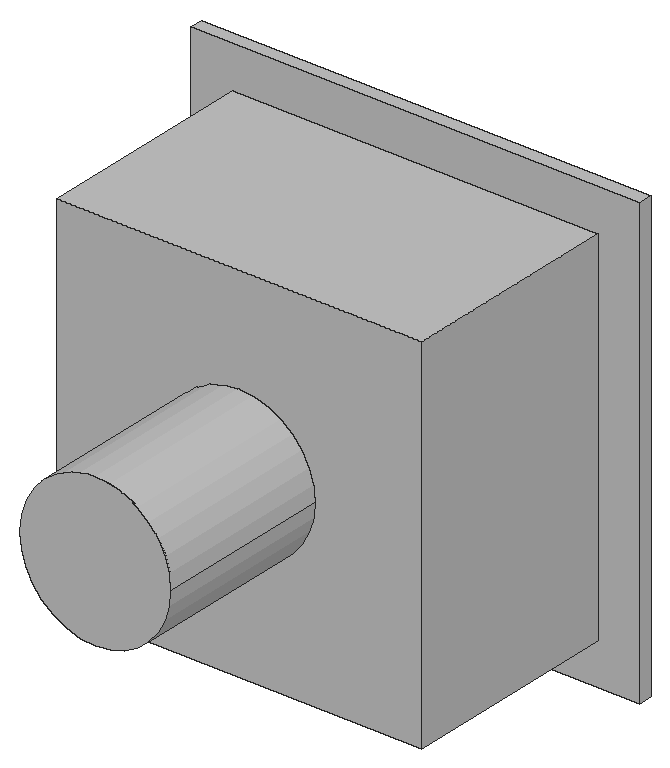
Revit family "ef_eg-20_60ysd2_asd2_bsd2_btd2_dtc2_ftc-v_60Hz", category 機械設備, Revit 2019
Family settings
  丸型コネクタ寸法 = 直径を使用
  パーツ タイプ = 標準
  OmniClass 番号 = 23.75.35.21.17
  OmniClass タイトル = Industrial Ventilating Equipment
  作業面ベース = いいえ
  常に垂直 = はい
  ロード時にボイドで切り取り = はい
  共有 = いいえ
  部屋計算ポイント = はい
Parameters (values of type "EF-20YSD2-V")
  騒音レベル(dB(A)) [instance] = 36
  風量 [instance] = 設計風量  # 0.0 m³/h
  電源種別 [instance] = ""
  電圧 = 100 V
  電動機出力 = 15 W
  電動機_種別 [instance] = ""
  運転質量 = 0.00 kg
  連動 [instance] = ""
  質量 = if(製品質量 > 運転質量, 製品質量, 運転質量) * 1.2  # 7.80 kg
  負荷分類 = 3_ファン類
  説明 = "産業用有圧換気扇 防爆形"
  設計風量 [instance] = 0.0 m³/h
  設置方法 = "壁付"
  記号 [instance] = ""
  製造元 = "三菱電機株式会社"
  製品質量 = 6.50 kg
  製品出荷対象 = "国内"
  製品リリース年月 = "2022年6月1日"
  製品グループ = ""
  羽根径 = "∅200"
  レグ_Depth = 167 mm
  系統 [instance] = ""
  符号 [instance] = if(☑給気／□排気, "FS", "FE")  # "FE"
  積算_科目 = ""
  積算_拾い区分 [instance] = ""
  相 = 1
  盤記号 [instance] = ""
  盤工事区分 = ""
  発停方法 [instance] = ""
  特殊仕様 [instance] = ""
  火災停止 [instance] = ""
  消費電力 = 27 W
  法定耐用年数 = "15"
  極数 = 2
  極 = 4
  材質 [instance] = ""
  操作・制御方式 = ""
  操作・制御スイッチ = ""
  排気量 [instance] = if(☑給気／□排気, 0.0 m³/h, 設計風量)  # 0.0 m³/h
  形式 = ""
  幹線記号 [instance] = ""
  対象室 [instance] = ""
  実風量 [instance] = 0.0 m³/h
  始動方式 [instance] = "直入"
  外気量 [instance] = if(☑給気／□排気, 設計風量, 0.0 m³/h)  # 0.0 m³/h
  呼称 = "有圧扇"
  周波数 = 60 Hz
  参照している仕様書等のバージョン = ""
  分類コード = "50052503100110"
  分類グループ = ""
  価格 = 162000
  企業コード = "108420"
  付属品_防振装置 = ""
  付属品 [instance] = ""
  仕様書バージョン = "Version1.0"
  レグ_Width = 260 mm
  レグ_Height = 260 mm
  モーター径 = 108 mm
  モデル = "EF-20YSD2-V"
  フレームの厚さ = 10 mm
  ファンの種類 = "軸流羽根"
  コメント [instance] = ""
  Keynote = ""
  オリフィス_Depth = 50 mm
  ☑給気／□排気 [instance] = no
  Width = 320 mm
  Version = ""
  Uniclass2015Version = "Systems v1.9"
  Uniclass2015Title = "Propeller fans"
  Uniclass2015Code = "Pr_65_67_29_67"
  URL = "https://www.mitsubishielectric.co.jp/ldg/wink/ssl/displayProduct.do?pid=319139"
  SpecificationReference = ""
  SpecificationDescription = ""
  Revision = ""
  ProductInformation = ""
  OmniClassCode = "23-33 31 19 11 17"
  MIN風量 = 0.0 m³/h
  MID風量 = 0.0 m³/h
  MAX風量 = 790.0 m³/h
  IfcTypeProduct = ""
  IfcProduct = ""
  IfcExportType = "TUBEAXIAL"
  IfcExportAs = "IfcFanType"
  Height = 320 mm
  オリフィス径 = 245 mm
  Depth = 295 mm
  Author = "三菱電機株式会社"
Types (7, lengths in mm): name | 騒音レベル(dB(A)) | 電圧 | 電動機出力 | 質量 | 製品質量 | 製品リリース年月 | 羽根径 | レグ_Depth | 相 | 消費電力 | 極数 | 極 | 価格 | レグ_Width | レグ_Height | モーター径 | モデル | オリフィス_Depth | Width | URL | MAX風量 | Height | オリフィス径 | Depth
  EF-20YSD2-V | 36 | 100 V | 15 W | 7.80 kg | 6.50 kg | "2022年6月1日" | "∅200" | 167 | 1 | 27 W | 2 | 4 | 162000 | 260 | 260 | 108 | "EF-20YSD2-V" | 50 | 320 | "https://www.mitsubishielectric.co.jp/ldg/wink/ssl/displayProduct.do?pid=319139" | 790.0 m³/h | 320 | 245 | 295
  EF-25ASD2-V | 40 | 100 V | 25 W | 8.28 kg | 6.90 kg | "2022年6月1日" | "∅250" | 166 | 1 | 42 W | 2 | 4 | 171000 | 300 | 300 | 108 | "EF-25ASD2-V" | 60 | 370 | "https://www.mitsubishielectric.co.jp/ldg/wink/ssl/displayProduct.do?pid=319142" | 1380.0 m³/h | 370 | 310 | 300
  EF-30BSD2-V | 42 | 100 V | 50 W | 9.00 kg | 7.50 kg | "2022年6月1日" | "∅300" | 182 | 1 | 77 W | 2 | 4 | 222000 | 347 | 347 | 108 | "EF-30BSD2-V" | 60 | 420 | "https://www.mitsubishielectric.co.jp/ldg/wink/ssl/displayProduct.do?pid=319153" | 1980.0 m³/h | 420 | 365 | 310
  EF-30BTD2-V | 42 | 200 V | 50 W | 9.00 kg | 7.50 kg | "2022年6月1日" | "∅300" | 182 | 3 | 63 W | 3 | 4 | 222000 | 347 | 347 | 108 | "EF-30BTD2-V" | 60 | 420 | "https://www.mitsubishielectric.co.jp/ldg/wink/ssl/displayProduct.do?pid=319159" | 1980.0 m³/h | 420 | 365 | 310
  EF-40DTC2-V | 50 | 200 V | 200 W | 25.92 kg | 21.60 kg | "2022年6月1日" | "∅400" | 214.5 | 3 | 178 W | 3 | 4 | 264000 | 396 | 396 | 140 | "EF-40DTC2-V" | 80 | 520 | "https://www.mitsubishielectric.co.jp/ldg/wink/ssl/displayProduct.do?pid=318480" | 4470.0 m³/h | 520 | 490 | 345
  EG-50DTC2-V | 47.5 | 200 V | 200 W | 32.16 kg | 26.80 kg | "2022年6月1日" | "∅500" | 217 | 3 | 180 W | 3 | 6 | 329000 | 500 | 500 | 140 | "EG-50DTC2-V" | 95 | 620 | "https://www.mitsubishielectric.co.jp/ldg/wink/ssl/displayProduct.do?pid=318590" | 5760.0 m³/h | 620 | 605 | 349
  EG-60FTC-V | 56.5 | 200 V | 750 W | 58.56 kg | 48.80 kg | "" | "∅600" | 304 | 3 | 660 W | 3 | 6 | 441000 | 566 | 566 | 210 | "EG-60FTC-V" | 100 | 710 | "https://www.mitsubishielectric.co.jp/ldg/wink/ssl/displayProduct.do?pid=41980" | 12000.0 m³/h | 710 | 705 | 419
Reference planes
  plane 1 "中心(正面/背面)": y = 0
  plane 2: z = 0
  plane 3 "中心(左/右)": x = 0
  plane 4: z = 0
  plane 5: through (212.832, -1524, 243.759) normal (-0.6508, 0, -0.7593)
  plane 6: through (-212.884, -1524, -243.751) normal (0.6508, 0, 0.7593)
  plane 7: through (208.307, -1524, -247.63) normal (-0.6508, 0, 0.7593)
  plane 8: z = 160
  plane 9: z = -160
  plane 10 "左": x = -160
  plane 11 "右": x = 160
  plane 12 "正面": y = -295
  plane 13: y = -10
  plane 14: through (-208.307, -1524, -247.63) normal (-0.6508, 0, -0.7593)
  plane 15: y = -45
  plane 16: y = 55
  plane 17: x = -250
  plane 18: x = 250
  plane 19: y = -50
  plane 20: y = -167
  plane 21: x = -130
  plane 22: x = 130
  plane 23: z = 130
  plane 24: z = -130
Forms (mm)
  Extrusion 1, solid, detail levels fine
    sketch origin (0, 0, 0) x (1, 0, 0) y (0, 1, 0)
      loop
        line (-160, 0) -> (-160, -10) -> (160, -10) -> (160, 0) -> (-160, 0)
    from -160 to 160
  Extrusion 2, solid, detail levels fine
    sketch origin (140, -23.659, 0) x (-1, 0, 0) y (0, 0, -1)
      loop
        circle (140, 0) r 54
    from 143.341 to 271.341
  Extrusion 3, solid
    sketch origin (0, -153.783, 0) x (1, 0, 0) y (0, 0, 1)
      loop
        circle (0, 0) r 122.5
    from -143.783 to -103.783
  Extrusion 4, solid
    sketch origin (0, 0, 0) x (1, 0, 0) y (0, 0, 1)
      loop
        line (-130, 130) -> (-130, -130) -> (130, -130) -> (130, 130) -> (-130, 130)
    from 10 to 167
Cuts and joins
  joined: Extrusion 3, Extrusion 4
Lines and regions (mm)
  Masking region 1, detail levels coarse+medium
    outline origin (0, 0, 0) x (1, 0, 0) y (0, 1, 0)
      loop
        line (-250, -295) -> (250, -295) -> (250, -45) -> (-250, -45) -> (-250, -295)
  Masking region 2, detail levels coarse+medium
    outline origin (0, 0, 0) x (1, 0, 0) y (0, 1, 0)
      loop
        line (-124, -45) -> (124, -45) -> (124, 55) -> (-124, 55) -> (-124, -45)
  symbolic lines, detail levels coarse+medium
    curve 1: circle (124, -183, 0) r 115 normal (0, 0, 1)
    curve 2: circle (-124, -183, 0) r 115 normal (0, 0, -1)
Dimensions and locks
  level to plane 4 = 0 mm
  equal spacing: plane 8, level, plane 9
  "Depth": plane 12 "正面" to plane 1 "中心(正面/背面)"  (x2)
  "Width": plane 10 "左" to plane 11 "右"
  "Height": plane 8 to plane 9
  "フレームの厚さ": plane 13 to plane 1 "中心(正面/背面)"
  plane 12 "正面" to plane 15 to plane 16 = 250 mm locked, 100 mm locked
  locked: plane 17 to plane 18 at 500
  "オリフィス_Depth": plane 1 "中心(正面/背面)" to plane 19
  "レグ_Depth": plane 1 "中心(正面/背面)" to plane 20
  equal spacing: plane 10 "左", plane 3 "中心(左/右)", plane 11 "右"
  equal spacing: plane 22, plane 3 "中心(左/右)", plane 21
  "レグ_Width": plane 22 to plane 21
  equal spacing: plane 23, level, plane 24
  "レグ_Height": plane 23 to plane 24
  "オリフィス径": diameter of Extrusion 3 sketch curve
  "モーター径": diameter of Extrusion 2 sketch curve
  aligned and locked: level to plane 2
  aligned and locked: Extrusion 1 to plane 8
  aligned and locked: plane 10 "左" to Extrusion 1
  aligned and locked: Extrusion 1 to plane 11 "右"
  aligned and locked: plane 9 to Extrusion 1
  aligned and locked: Extrusion 1 to plane 13
  aligned and locked: Extrusion 1 to plane 1 "中心(正面/背面)"  (x5)
  aligned and locked: plane 12 "正面" to Extrusion 2
  aligned and locked: plane 1 "中心(正面/背面)" to Extrusion 1  (x2)
  aligned and locked: plane 4 to Extrusion 2 sketch curve
  aligned and locked: plane 12 "正面" to Masking region 1 sketch curve
  aligned and locked: plane 17 to Masking region 1 sketch curve
  aligned and locked: plane 15 to Masking region 1 sketch curve
  aligned and locked: plane 18 to Masking region 1 sketch curve
  aligned and locked: Masking region 2 sketch curve to plane 15
  aligned and locked: plane 16 to Masking region 2 sketch curve
  aligned and locked: Extrusion 3 to Extrusion 1
  aligned and locked: Extrusion 3 to plane 19
  aligned and locked: plane 20 to Extrusion 2
  aligned and locked: Extrusion 4 to Extrusion 2
  aligned and locked: Extrusion 4 to Extrusion 1
  aligned and locked: Extrusion 4 to plane 21
  aligned and locked: plane 23 to Extrusion 4
  aligned and locked: plane 22 to Extrusion 4
  aligned and locked: Extrusion 4 to plane 24
Automatic sketch dimensions
  Extrusion 1 sketch curve to plane 10 "左" = 0 mm
  Extrusion 1 sketch curve to plane 11 "右" = 0 mm
  Extrusion 1 sketch curve to plane 13 = 0 mm
  plane 1 "中心(正面/背面)" to Extrusion 1 sketch curve = 0 mm
  Extrusion 3 sketch curve to level = 0 mm
  Extrusion 3 sketch curve to plane 3 "中心(左/右)" = 0 mm
  curve 2 to plane 20 = 16 mm
  curve 1 to plane 20 = 16 mm
  curve 2 to plane 10 "左" = 36 mm
  Masking region 2 sketch curve to plane 10 "左" = 36 mm
  plane 11 "右" to curve 1 = 36 mm
  plane 11 "右" to Masking region 2 sketch curve = 36 mm
  Extrusion 2 sketch curve to plane 3 "中心(左/右)" = 0 mm
  Extrusion 4 sketch curve to plane 21 = 0 mm
  plane 22 to Extrusion 4 sketch curve = 0 mm
  Extrusion 4 sketch curve to plane 24 = 0 mm
  plane 23 to Extrusion 4 sketch curve = 0 mm
  radius of curve 1 = 115 mm
  radius of curve 2 = 115 mm
Connectors
  electrical at (160, -5, 0), driven by "電圧", driven by "負荷分類", driven by "消費電力", driven by "極数"
    settings: on Extrusion 1, index 2, voltage 100 V, apparent load 27 VA, apparent load phase1 0 VA, apparent load phase2 0 VA, apparent load phase3 0 VA, power factor 1, load classification "3_ファン類", number of poles 2, system type 30, power factor state 1, is connector primary yes, connector utility no, sub classification motor no, connector description ""
